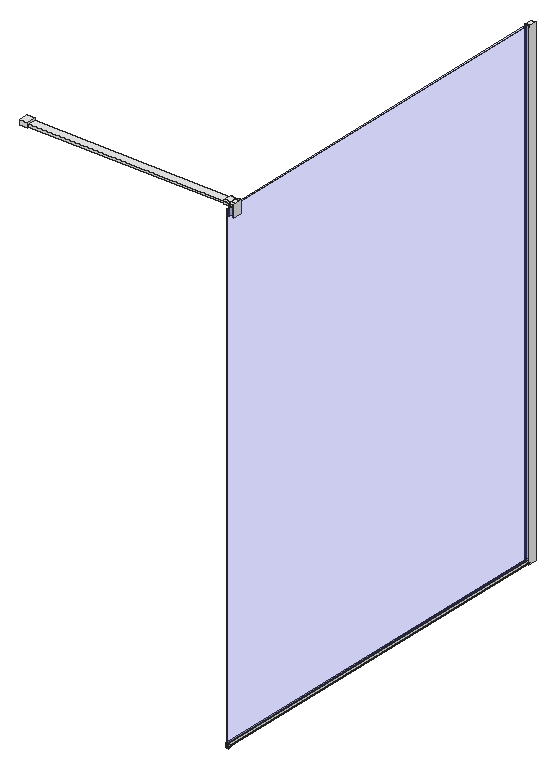
Revit family "STR4P", category Plumbing Fixtures, Revit 2015
Parameters (values of type "1600")
  Width fixed panel 2 = 0.000 mm
  Width fixed panel = 0.000 mm
  Model = "STR4P"
  L2 = 1600.000 mm
  L1 = 900.000 mm
  URL = "www.sanswiss.com"
  Type Comments = "WALK-IN-EASY"
  Number of elements = 0
  Metal = Aluminum - Polished
  Manufacturer = "SanSwiss"
  H = 2000.000 mm
  Glass = Glass
Types (9, lengths in mm): name | L2
  800 | 800.000
  900 | 900.000
  1000 | 1000.000
  1100 | 1100.000
  1200 | 1200.000
  1300 | 1300.000
  1400 | 1400.000
  1500 | 1500.000
  1600 | 1600.000
Reference planes
  plane 1 "Center (Front/Back)": y = 0
  plane 2: z = 0
  plane 3 "Center (Left/Right)": x = 0
  plane 4 "prawa": x = 900
  plane 5: z = 2000
  plane 6 "góra": z = 1822.5
  plane 7 "mocowanie góra": z = 1800
  plane 8 "klamka": z = 1005
  plane 9: x = 874.921
  plane 10: x = 860
  plane 11 "ucięcie": z = 11.8
  plane 12: x = 884.519
  plane 13: y = 1600
  plane 14 "mocowanie dół": z = 200.459
  plane 15: y = 1569.572
  plane 16: y = 11
Forms (mm)
  Extrusion 1, void, not visible
    sketch origin (0, 0, 0) x (1, 0, 0) y (0, 0, 1)
      loop
        line (47.1, 1799.5) -> (47.1, 1777.5) -> (65.984, 1777.5) -> (65.984, 1799.5) -> (47.1, 1799.5)
    from -49.545 to 25.251
  Extrusion 2, solid, material "Aluminum - Polished" <- "Metal", not visible
    sketch origin (0, 0, 1822.5) x (0, -1, 0) y (1, 0, 0)
      loop
        line (-1, 45.1) -> (-1, 57.085)
        arc (-1, 57.085) -> (-10, 66.085) -> (-19, 57.085) r 9
        line (-19, 57.085) -> (-19, 45.1) -> (-1, 45.1)
    from -45 to -23
  Extrusion 3, solid, material "Aluminum - Polished" <- "Metal", not visible
    sketch origin (0, 0, 1822.5) x (0, -1, 0) y (1, 0, 0)
      loop
        line (-1, 47.1) -> (-10, 47.1)
        arc (-10, 47.1) -> (-14.544, 48.192) -> (-18.095, 51.229) r 10
        arc (-18.095, 51.229) -> (-18.654, 51.411) -> (-19, 50.936) r 0.5
        line (-19, 50.936) -> (-19, 45.1) -> (-1, 45.1) -> (-1, 47.1)
    from -23 to 0
  Revolve 4, solid, material "Aluminum - Polished" <- "Metal", not visible
    sketch origin (0, 0, 1800) x (0, -1, 0) y (1, 0, 0)
      loop
        line (-21, 88.1) -> (-27.814, 88.1) -> (-27.814, 75.277) -> (-23.528, 79.564) -> (-21, 79.564) -> (-21, 88.1)
      axis (-21, 88.1) -> (-27.814, 88.1)
    angle from 0 to 360
  Revolve 5, solid, material "Aluminum - Polished" <- "Metal", not visible
    sketch origin (30, 0, 1800) x (0, -1, 0) y (1, 0, 0)
      loop
        line (-21, 88.1) -> (-27.814, 88.1) -> (-27.814, 75.277) -> (-23.528, 79.564) -> (-21, 79.564) -> (-21, 88.1)
      axis (-21, 88.1) -> (-27.814, 88.1)
    angle from 0 to 360
  Sweep 6, solid, material "Aluminum - Polished" <- "Metal"
    path in 3D
      loop
        line (900, 1600, 2000) -> (900, 1600, 0)
    profile origin (900, 1600, 1000) x (1, 0, 0) y (0, 1, 0)
      loop
        arc (-35.598, -31.621) -> (-35.145, -33.056) -> (-33.951, -33.973) r 2.503
        line (-33.951, -33.973) -> (-26.953, -36.8) -> (-18.4, -36.8)
        arc (-18.4, -36.8) -> (-17.693, -36.507) -> (-17.4, -35.8) r 1
        line (-17.4, -35.8) -> (-17.4, -2) -> (-19.4, -2) -> (-19.4, 0) -> (-33.6, 0) -> (-33.6, -2) -> (-35.598, -2) -> (-35.598, -31.621)
  Sweep 7, solid, material "Glass" <- "Glass"
    path in 3D
      loop
        line (900, 1600, 2000) -> (900, 1600, 5)
    profile origin (900, 1600, 1002.5) x (1, 0, 0) y (0, 1, 0)
      loop
        line (-29.478, -28.602) -> (-29.478, -1589) -> (-21.478, -1589) -> (-21.478, -28.602) -> (-29.478, -28.602)
  Extrusion 8, solid, material "Aluminum - Polished" <- "Metal"
    sketch origin (0, 0, 0) x (1, 0, 0) y (0, 0, 1)
      loop
        arc (878.3, 15) -> (877.772, 14.433) -> (878.123, 13.743) r 0.676
        arc (878.123, 13.743) -> (878.578, 13.597) -> (878.8, 13.175) r 0.631
        line (878.8, 13.175) -> (878.8, 9.4)
        arc (878.8, 9.4) -> (878.66, 8.994) -> (878.3, 8.76) r 0.66
        line (878.3, 8.76) -> (878.3, 7.331) -> (878.8, 6.617) -> (878.8, 5.647)
        arc (878.8, 5.647) -> (878.694, 5.184) -> (878.257, 5) r 0.52
        line (878.257, 5) -> (869.743, 5)
        arc (869.743, 5) -> (869.306, 5.184) -> (869.2, 5.647) r 0.52
        line (869.2, 5.647) -> (869.2, 6.617) -> (869.7, 7.331) -> (869.7, 8.76)
        arc (869.7, 8.76) -> (869.34, 8.994) -> (869.2, 9.4) r 0.66
        line (869.2, 9.4) -> (869.2, 13.175)
        arc (869.2, 13.175) -> (869.422, 13.597) -> (869.877, 13.743) r 0.631
        arc (869.877, 13.743) -> (870.228, 14.433) -> (869.7, 15) r 0.676
        line (869.7, 15) -> (868.5, 15)
        arc (868.5, 15) -> (868.088, 14.882) -> (867.9, 14.497) r 0.526
        line (867.9, 14.497) -> (867.9, 4.2)
        arc (867.9, 4.2) -> (868.089, 3.803) -> (868.517, 3.7) r 0.511
        line (868.517, 3.7) -> (870.9, 3.7)
        arc (870.9, 3.7) -> (871.336, 3.473) -> (871.4, 2.986) r 0.532
        line (871.4, 2.986) -> (871.4, 0.56)
        arc (871.4, 0.56) -> (871.564, 0.164) -> (871.96, 0) r 0.56
        line (871.96, 0) -> (876.04, 0)
        arc (876.04, 0) -> (876.436, 0.164) -> (876.6, 0.56) r 0.56
        line (876.6, 0.56) -> (876.6, 2.986)
        arc (876.6, 2.986) -> (876.664, 3.473) -> (877.1, 3.7) r 0.532
        line (877.1, 3.7) -> (879.483, 3.7)
        arc (879.483, 3.7) -> (879.911, 3.803) -> (880.1, 4.2) r 0.511
        line (880.1, 4.2) -> (880.1, 14.497)
        arc (880.1, 14.497) -> (879.912, 14.882) -> (879.5, 15) r 0.526
        line (879.5, 15) -> (878.3, 15)
    from -1569.572 to -11
  Sweep 9, solid, material "Aluminum - Polished" <- "Metal"
    path origin (0, 0, 1800) x (0, -1, 0) y (1, 0, 0)
      loop
        line (-11, 868) -> (-11, 880)
    profile origin (874, 11, 1800) x (0, 1, 0) y (0, 0, 1)
      loop
        line (10, -1799.738) -> (10, -1796.762) -> (7, -1796.5) -> (0, -1796.5) -> (0, -1785) -> (-0.948, -1785)
        arc (-0.948, -1785) -> (-1.37, -1785.175) -> (-1.5, -1785.613) r 0.531
        line (-1.5, -1785.613) -> (-1.5, -1799.461)
        arc (-1.5, -1799.461) -> (-1.322, -1799.865) -> (-0.901, -1800) r 0.538
        line (-0.901, -1800) -> (7, -1800) -> (10, -1799.738)
Lines and regions (mm)
  reference lines
    curve 1: line (900, 0, 0) -> (900, 0, 2000)
    curve 2: line (900, 1600, 2000) -> (900, 1600, 0)
  sketch lines
    curve 3: line (900, 1600, 2000) -> (900, 1600, 0)
    curve 4: line (900, 1600, 2000) -> (900, 1600, 5)
Dimensions and locks
  "L1": plane 3 "Center (Left/Right)" to plane 4 "prawa"
  "H": plane 5 to level
  plane 4 "prawa" to plane 10 = 40.000 mm
  plane 12 to plane 4 "prawa" = 15.481 mm
  locked: plane 4 "prawa" to plane 9 at 25.079
  "L2": plane 13 to plane 1 "Center (Front/Back)"
  plane 6 "góra" to plane 7 "mocowanie góra" = 22.500 mm
  locked: plane 1 "Center (Front/Back)" to nested 1 at 33.5
  locked: plane 13 to plane 15 at 30.428
  aligned and locked: level to plane 2
  aligned and locked: plane 4 "prawa" to curve 1  (x2)
  aligned and locked: plane 1 "Center (Front/Back)" to curve 1
  aligned and locked: curve 2 to plane 13
  aligned and locked: plane 13 to curve 2
  aligned and locked: plane 4 "prawa" to curve 2
  aligned and locked: plane 15 to Extrusion 8
  aligned and locked: plane 16 to Sweep 7 sketch curve
  aligned and locked: Extrusion 8 to Sweep 7
  aligned and locked: plane 5 to curve 2
Automatic sketch dimensions
  Extrusion 1 sketch curve to Extrusion 1 sketch curve = 18.884 mm
  Extrusion 1 sketch curve to Extrusion 1 sketch curve = 22.000 mm
  Extrusion 2 sketch curve to Extrusion 2 sketch curve = 9.000 mm
  Extrusion 2 sketch curve to Extrusion 2 sketch curve = 11.985 mm
  Extrusion 3 sketch curve to Extrusion 3 sketch curve = 0.500 mm
  Extrusion 3 sketch curve to Extrusion 3 sketch curve = 2.000 mm
  Extrusion 3 sketch curve to Extrusion 3 sketch curve = 5.836 mm
  Extrusion 3 sketch curve to Extrusion 3 sketch curve = 10.000 mm
  Extrusion 3 sketch curve to Extrusion 3 sketch curve = 8.500 mm
  Extrusion 3 sketch curve to Extrusion 3 sketch curve = 9.000 mm
  Revolve 4 sketch curve to Revolve 4 sketch curve = 6.814 mm
  Revolve 4 sketch curve to Revolve 4 sketch curve = 0.000 mm  (x3)
  Revolve 5 sketch curve to Revolve 5 sketch curve = 6.814 mm
  Revolve 5 sketch curve to Revolve 5 sketch curve = 4.287 mm  (x2)
  Revolve 5 sketch curve to Revolve 5 sketch curve = 8.536 mm
  Revolve 5 sketch curve to Revolve 5 sketch curve = 0.000 mm  (x3)
  Revolve 4 sketch curve to Revolve 4 sketch curve = 4.287 mm  (x2)
  Revolve 4 sketch curve to Revolve 4 sketch curve = 8.536 mm
  curve 1 to level = 0.000 mm
  curve 1 to plane 5 = 0.000 mm
  curve 2 to level = 0.000 mm
  profile plane to Sweep 6 sketch curve = 0.000 mm
  Sweep 6 sketch curve to profile plane = 35.598 mm
  Sweep 6 sketch curve to Sweep 6 sketch curve = 1.647 mm
  Sweep 6 sketch curve to Sweep 6 sketch curve = 1.998 mm
  Sweep 6 sketch curve to Sweep 6 sketch curve = 0.856 mm
  Sweep 6 sketch curve to Sweep 6 sketch curve = 6.998 mm
  profile plane to Sweep 6 sketch curve = 2.000 mm
  Sweep 6 sketch curve to Sweep 6 sketch curve = 8.553 mm
  Sweep 6 sketch curve to Sweep 6 sketch curve = 2.000 mm  (x2)
  Sweep 6 sketch curve to Sweep 6 sketch curve = 29.621 mm
  Sweep 6 sketch curve to Sweep 6 sketch curve = 4.179 mm
  Sweep 6 sketch curve to Sweep 6 sketch curve = 2.827 mm
  Extrusion 8 sketch curve to level = 0.000 mm
  plane 11 "ucięcie" to Extrusion 8 sketch curve = 2.697 mm
  Extrusion 8 sketch curve to plane 9 = 7.021 mm
  Extrusion 8 sketch curve to Extrusion 8 sketch curve = 0.511 mm  (x2)
  Extrusion 8 sketch curve to Extrusion 8 sketch curve = 0.526 mm
  Extrusion 8 sketch curve to Extrusion 8 sketch curve = 0.074 mm  (x2)
  Extrusion 8 sketch curve to Extrusion 8 sketch curve = 0.106 mm  (x2)
  Extrusion 8 sketch curve to Extrusion 8 sketch curve = 0.789 mm
  Extrusion 8 sketch curve to Extrusion 8 sketch curve = 0.000 mm
  Extrusion 8 sketch curve to Extrusion 8 sketch curve = 1.132 mm
  Extrusion 8 sketch curve to Extrusion 8 sketch curve = 0.500 mm  (x4)
  Extrusion 8 sketch curve to Extrusion 8 sketch curve = 0.142 mm  (x2)
  Extrusion 8 sketch curve to Extrusion 8 sketch curve = 0.504 mm
  Extrusion 8 sketch curve to Extrusion 8 sketch curve = 0.039 mm  (x2)
  Extrusion 8 sketch curve to Extrusion 8 sketch curve = 0.628 mm  (x2)
  Extrusion 8 sketch curve to Extrusion 8 sketch curve = 0.160 mm
  Extrusion 8 sketch curve to Extrusion 8 sketch curve = 1.157 mm  (x2)
  Extrusion 8 sketch curve to Extrusion 8 sketch curve = 0.560 mm  (x2)
  plane 9 to Extrusion 8 sketch curve = 1.119 mm
  plane 9 to Extrusion 8 sketch curve = 3.220 mm
  plane 11 "ucięcie" to Extrusion 8 sketch curve = 1.314 mm  (x2)
  plane 9 to Extrusion 8 sketch curve = 3.251 mm
  Extrusion 8 sketch curve to Extrusion 8 sketch curve = 0.004 mm
  Extrusion 8 sketch curve to Extrusion 8 sketch curve = 0.128 mm
  Extrusion 8 sketch curve to Extrusion 8 sketch curve = 1.226 mm
  Extrusion 8 sketch curve to Extrusion 8 sketch curve = 1.200 mm
  Extrusion 8 sketch curve to Extrusion 8 sketch curve = 2.426 mm  (x2)
  Extrusion 8 sketch curve to Extrusion 8 sketch curve = 0.182 mm  (x2)
  Extrusion 8 sketch curve to Extrusion 8 sketch curve = 0.800 mm
  Extrusion 8 sketch curve to Extrusion 8 sketch curve = 0.519 mm  (x2)
  Extrusion 8 sketch curve to Extrusion 8 sketch curve = 0.970 mm  (x2)
  Extrusion 8 sketch curve to Extrusion 8 sketch curve = 0.714 mm  (x2)
  Extrusion 8 sketch curve to Extrusion 8 sketch curve = 1.429 mm  (x2)
  Extrusion 8 sketch curve to Extrusion 8 sketch curve = 0.061 mm  (x2)
  Extrusion 8 sketch curve to Extrusion 8 sketch curve = 1.164 mm  (x2)
  Extrusion 8 sketch curve to Extrusion 8 sketch curve = 0.018 mm  (x2)
  Extrusion 8 sketch curve to Extrusion 8 sketch curve = 0.140 mm
  Sweep 7 sketch curve to profile plane = 29.478 mm
  Sweep 7 sketch curve to Sweep 7 sketch curve = 8.000 mm
  profile plane to Sweep 7 sketch curve = 28.602 mm
  Sweep 9 sketch curve to plane 16 = 0.000 mm
  Sweep 9 sketch curve to plane 9 = 6.921 mm
  plane 12 to Sweep 9 sketch curve = 4.519 mm
  Sweep 9 sketch curve to profile plane = 0.000 mm
  profile plane to Sweep 9 sketch curve = 0.901 mm
  profile plane to Sweep 9 sketch curve = 0.948 mm
  Sweep 9 sketch curve to Sweep 9 sketch curve = 0.062 mm
  Sweep 9 sketch curve to Sweep 9 sketch curve = 0.028 mm
  Sweep 9 sketch curve to Sweep 9 sketch curve = 0.524 mm
  Sweep 9 sketch curve to Sweep 9 sketch curve = 7.000 mm
  Sweep 9 sketch curve to Sweep 9 sketch curve = 0.000 mm
  plane 7 "mocowanie góra" to Sweep 9 sketch curve = 1800.000 mm
  Sweep 9 sketch curve to Sweep 9 sketch curve = 0.534 mm
  Sweep 9 sketch curve to Sweep 9 sketch curve = 2.966 mm
  Sweep 9 sketch curve to Sweep 9 sketch curve = 10.887 mm
  Sweep 9 sketch curve to Sweep 9 sketch curve = 0.083 mm
  Sweep 9 sketch curve to Sweep 9 sketch curve = 3.000 mm
  Sweep 9 sketch curve to Sweep 9 sketch curve = 0.262 mm
  Sweep 9 sketch curve to Sweep 9 sketch curve = 2.975 mm
Nested families
  nested 1: "STR4P_handle" at (0, -31.063, 0), type "800"
Definition of nested family "STR4P_handle"
  Parameters (values of type "800")
    Width fixed panel 2 = 0.000 mm
    Width fixed panel = 0.000 mm
    Model = "STR4P"
    L2 = 800.000 mm
    L1 = 900.000 mm
    URL = "www.sanswiss.com"
    Type Comments = "WALK-IN-EASY"
    Number of elements = 0
    Metal = none
    Manufacturer = "SanSwiss"
    H = 2000.000 mm  # constant formula
    Glass = none
  Reference planes
    plane 1 "Center (Front/Back)": y = 0
    plane 2: z = 0
    plane 3 "Center (Left/Right)": x = 0
    plane 4 "prawa": x = 900
    plane 5: z = 2000
    plane 6 "góra": z = 1822.5
    plane 7 "mocowanie góra": z = 1800
    plane 8 "klamka": z = 1005
    plane 9: x = 874.921
    plane 10 "ucięcie": z = 11.8
    plane 11 "mocowanie dół": z = 200.459
  Forms (mm)
    Extrusion 1, void, not visible
      sketch origin (0, 0, 0) x (1, 0, 0) y (0, 0, 1)
        loop
          line (47.1, 1799.5) -> (47.1, 1777.5) -> (65.984, 1777.5) -> (65.984, 1799.5) -> (47.1, 1799.5)
      from -49.545 to 25.251
    Extrusion 2, solid, material <- "Metal", not visible
      sketch origin (0, 0, 1822.5) x (0, -1, 0) y (1, 0, 0)
        loop
          line (-1, 45.1) -> (-1, 57.085)
          arc (-1, 57.085) -> (-10, 66.085) -> (-19, 57.085) r 9
          line (-19, 57.085) -> (-19, 45.1) -> (-1, 45.1)
      from -45 to -23
    Extrusion 3, solid, material <- "Metal", not visible
      sketch origin (0, 0, 1822.5) x (0, -1, 0) y (1, 0, 0)
        loop
          line (-1, 47.1) -> (-10, 47.1)
          arc (-10, 47.1) -> (-14.544, 48.192) -> (-18.095, 51.229) r 10
          arc (-18.095, 51.229) -> (-18.654, 51.411) -> (-19, 50.936) r 0.5
          line (-19, 50.936) -> (-19, 45.1) -> (-1, 45.1) -> (-1, 47.1)
      from -23 to 0
    Revolve 4, solid, material <- "Metal", not visible
      sketch origin (0, 0, 1800) x (0, -1, 0) y (1, 0, 0)
        loop
          line (-21, 88.1) -> (-27.814, 88.1) -> (-27.814, 75.277) -> (-23.528, 79.564) -> (-21, 79.564) -> (-21, 88.1)
        axis (-21, 88.1) -> (-27.814, 88.1)
      angle from 0 to 360
    Revolve 5, solid, material <- "Metal", not visible
      sketch origin (30, 0, 1800) x (0, -1, 0) y (1, 0, 0)
        loop
          line (-21, 88.1) -> (-27.814, 88.1) -> (-27.814, 75.277) -> (-23.528, 79.564) -> (-21, 79.564) -> (-21, 88.1)
        axis (-21, 88.1) -> (-27.814, 88.1)
      angle from 0 to 360
    Extrusion 6, solid, material <- "Metal"
      sketch origin (0, 0, 200.459) x (0, -1, 0) y (1, 0, 0)
        loop
          line (-97.564, 0) -> (-61.564, 0) -> (-61.564, 31) -> (-97.564, 31) -> (-97.564, 0)
      from 1797.782 to 1816.278
    Sweep 7, solid, material <- "Metal"
      path origin (0, 0, 0) x (1, 0, 0) y (0, 0, 1)
        loop
          line (900, 2000.74) -> (900, 2010.738)
      profile origin (900, 0, 2005.739) x (-1, 0, 0) y (0, -1, 0)
        loop
          line (36.476, -94.563) -> (869, -94.563) -> (869, -64.563) -> (36.476, -64.563) -> (36.476, -94.563)
    Extrusion 8, solid, material <- "Metal"
      sketch origin (0, 0, 0) x (1, 0, 0) y (0, 0, 1)
        loop
          line (843.7, 1998.738) -> (861.7, 1998.738)
          arc (861.7, 1998.738) -> (863.114, 1998.152) -> (863.7, 1996.738) r 2
          line (863.7, 1996.738) -> (863.7, 1965.238)
          arc (863.7, 1965.238) -> (864.286, 1963.824) -> (865.7, 1963.238) r 2
          line (865.7, 1963.238) -> (868.7, 1963.238) -> (868.7, 1999.738) -> (878.2, 1999.738) -> (878.2, 1963.238) -> (886, 1963.238) -> (886, 2011.265) -> (843.7, 2011.265) -> (843.7, 1998.738)
      from -97.963 to -63.963
    Extrusion 9, solid, material <- "Metal"
      sketch origin (900, 0, 0) x (0, 1, 0) y (0, 0, 1)
        loop
          line (63.963, 2011.265) -> (97.963, 2011.265)
          arc (97.963, 2011.265) -> (97.526, 2012.459) -> (96.464, 2013.158) r 2.029
          arc (96.464, 2013.158) -> (81.008, 2015.208) -> (65.551, 2013.158) r 59.275
          arc (65.551, 2013.158) -> (64.408, 2012.504) -> (63.963, 2011.265) r 1.903
      from -56.3 to -31.3
    SweptBlend 10, solid, material <- "Metal"
      path origin (0, 0, 1800) x (0, -1, 0) y (1, 0, 0)
        loop
          line (-81.008, 868.7) -> (-81.008, 886)
      profile origin (868.7, 81.008, 1800) x (0, 1, 0) y (0, 0, 1)
        loop
          line (-17.045, 211.265) -> (16.955, 211.265)
          arc (16.955, 211.265) -> (16.58, 212.475) -> (15.532, 213.187) r 1.916
          arc (15.532, 213.187) -> (-0.006, 215.211) -> (-15.543, 213.187) r 60.63
          arc (-15.543, 213.187) -> (-16.624, 212.484) -> (-17.045, 211.265) r 1.982
      end profile origin (886, 81.008, 1800) x (0, 1, 0) y (0, 0, 1)
        loop
          line (-17.045, 211.265) -> (16.955, 211.265)
          arc (16.955, 211.265) -> (16.214, 212.345) -> (14.972, 212.761) r 2.063
          line (14.972, 212.761) -> (-15.06, 212.761)
          arc (-15.06, 212.761) -> (-16.294, 212.333) -> (-17.045, 211.265) r 2.125
  Cuts and joins
    joined: Extrusion 8, SweptBlend 10
  Lines and regions (mm)
    reference lines
      curve 1: line (900, 0, 0) -> (900, 0, 2000)
  Dimensions and locks
    "H": plane 5 to level
    locked: plane 4 "prawa" to plane 9 at 25.079
    plane 6 "góra" to plane 7 "mocowanie góra" = 22.500 mm
    aligned and locked: level to plane 2
    aligned and locked: plane 4 "prawa" to curve 1  (x2)
    aligned and locked: plane 1 "Center (Front/Back)" to curve 1
    aligned and locked: Extrusion 6 to plane 3 "Center (Left/Right)"
    aligned and locked: Sweep 7 sketch curve to Extrusion 6
  Automatic sketch dimensions
    Extrusion 1 sketch curve to Extrusion 1 sketch curve = 18.884 mm
    Extrusion 1 sketch curve to Extrusion 1 sketch curve = 22.000 mm
    Extrusion 2 sketch curve to Extrusion 2 sketch curve = 9.000 mm
    Extrusion 2 sketch curve to Extrusion 2 sketch curve = 11.985 mm
    Extrusion 3 sketch curve to Extrusion 3 sketch curve = 0.500 mm
    Extrusion 3 sketch curve to Extrusion 3 sketch curve = 2.000 mm
    Extrusion 3 sketch curve to Extrusion 3 sketch curve = 5.836 mm
    Extrusion 3 sketch curve to Extrusion 3 sketch curve = 10.000 mm
    Extrusion 3 sketch curve to Extrusion 3 sketch curve = 8.500 mm
    Extrusion 3 sketch curve to Extrusion 3 sketch curve = 9.000 mm
    Revolve 4 sketch curve to Revolve 4 sketch curve = 6.814 mm
    Revolve 4 sketch curve to Revolve 4 sketch curve = 0.000 mm  (x3)
    Revolve 5 sketch curve to Revolve 5 sketch curve = 6.814 mm
    Revolve 5 sketch curve to Revolve 5 sketch curve = 4.287 mm  (x2)
    Revolve 5 sketch curve to Revolve 5 sketch curve = 8.536 mm
    Revolve 5 sketch curve to Revolve 5 sketch curve = 0.000 mm  (x3)
    Revolve 4 sketch curve to Revolve 4 sketch curve = 4.287 mm  (x2)
    Revolve 4 sketch curve to Revolve 4 sketch curve = 8.536 mm
    curve 1 to level = 0.000 mm
    curve 1 to plane 5 = 0.000 mm
    Extrusion 6 sketch curve to plane 3 "Center (Left/Right)" = 0.000 mm
    plane 3 "Center (Left/Right)" to Extrusion 6 sketch curve = 31.000 mm
    Extrusion 6 sketch curve to plane 1 "Center (Front/Back)" = 97.564 mm
    Extrusion 6 sketch curve to Extrusion 6 sketch curve = 36.000 mm
    Sweep 7 sketch curve to plane 4 "prawa" = 0.000 mm
    plane 5 to Sweep 7 sketch curve = 0.740 mm
    Sweep 7 sketch curve to Sweep 7 sketch curve = 9.998 mm
    Sweep 7 sketch curve to profile plane = 36.476 mm
    Sweep 7 sketch curve to plane 1 "Center (Front/Back)" = 94.563 mm
    Sweep 7 sketch curve to Sweep 7 sketch curve = 30.000 mm
    plane 5 to Extrusion 8 sketch curve = 11.265 mm
    Extrusion 8 sketch curve to plane 9 = 31.221 mm
    Extrusion 8 sketch curve to plane 5 = 3.262 mm
    Extrusion 8 sketch curve to plane 9 = 13.221 mm
    Extrusion 8 sketch curve to Extrusion 8 sketch curve = 2.000 mm  (x2)
    Extrusion 8 sketch curve to Extrusion 8 sketch curve = 3.000 mm
    Extrusion 8 sketch curve to plane 5 = 0.262 mm
    plane 9 to Extrusion 8 sketch curve = 3.279 mm
    plane 9 to Extrusion 8 sketch curve = 11.079 mm
    Extrusion 8 sketch curve to Extrusion 8 sketch curve = 31.500 mm
    Extrusion 8 sketch curve to Extrusion 8 sketch curve = 0.000 mm
    plane 5 to Extrusion 9 sketch curve = 11.281 mm
    Extrusion 9 sketch curve to plane 1 "Center (Front/Back)" = 65.866 mm
    Extrusion 9 sketch curve to Extrusion 9 sketch curve = 15.142 mm
    plane 5 to Extrusion 9 sketch curve = 11.199 mm
    Extrusion 9 sketch curve to Extrusion 9 sketch curve = 30.069 mm
    Extrusion 9 sketch curve to Extrusion 9 sketch curve = 0.315 mm
    Extrusion 9 sketch curve to Extrusion 9 sketch curve = 1.903 mm
    Extrusion 9 sketch curve to Extrusion 9 sketch curve = 0.529 mm
    Extrusion 9 sketch curve to Extrusion 9 sketch curve = 0.000 mm
    Extrusion 9 sketch curve to Extrusion 9 sketch curve = 2.028 mm
    plane 9 to SweptBlend 10 sketch curve = 11.079 mm
    SweptBlend 10 sketch curve to plane 1 "Center (Front/Back)" = 81.008 mm
    SweptBlend 10 sketch curve to plane 9 = 6.221 mm
    profile plane to SweptBlend 10 sketch curve = 15.063 mm
    profile plane to SweptBlend 10 sketch curve = 0.006 mm
    SweptBlend 10 sketch curve to profile plane = 15.041 mm
    SweptBlend 10 sketch curve to plane 7 "mocowanie góra" = 154.581 mm
    SweptBlend 10 sketch curve to SweptBlend 10 sketch curve = 0.071 mm
    SweptBlend 10 sketch curve to SweptBlend 10 sketch curve = 0.481 mm
    SweptBlend 10 sketch curve to SweptBlend 10 sketch curve = 1.982 mm
    SweptBlend 10 sketch curve to SweptBlend 10 sketch curve = 0.491 mm
    SweptBlend 10 sketch curve to SweptBlend 10 sketch curve = 0.000 mm
    SweptBlend 10 sketch curve to SweptBlend 10 sketch curve = 1.914 mm
    profile plane to SweptBlend 10 sketch curve = 15.060 mm
    SweptBlend 10 sketch curve to SweptBlend 10 sketch curve = 0.045 mm
    SweptBlend 10 sketch curve to profile plane = 14.972 mm
    SweptBlend 10 sketch curve to plane 7 "mocowanie góra" = 210.636 mm
    SweptBlend 10 sketch curve to SweptBlend 10 sketch curve = 0.061 mm
    SweptBlend 10 sketch curve to SweptBlend 10 sketch curve = 2.030 mm
    SweptBlend 10 sketch curve to SweptBlend 10 sketch curve = 1.984 mm
